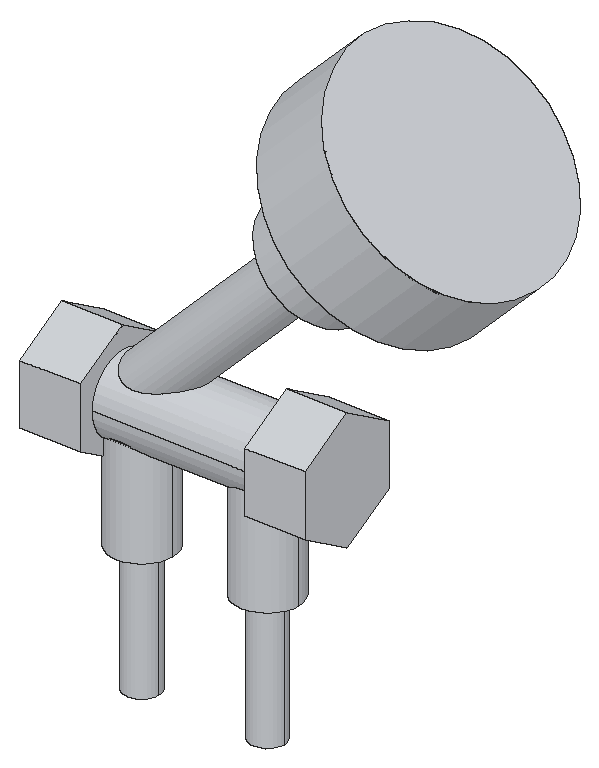
Revit family "304_c5154dfa51f3457d8d888647143f1f", category Pipe Accessories, Revit 2017
Family settings
  Round Connector Dimension = Use Diameter
  Part Type = Valve - Breaks Into
  Work Plane-Based = No
  Always vertical = Yes
  Cut with Voids When Loaded = No
  Shared = No
Parameters (values of type "Cim 787OT(/2)R(Y) - DN 15")
  magi_piping_given_dp [instance] = 0.0 Pa
  magiProductId = "dccc15f57ea849c5bf785015298feb"
  magiProductFamilyId = "c5154dfa51f3457d8d888647143f1f"
  magiProductCode = "Cim 787OT(/2)R(Y) - DN 15"
  magiPartTypeId = 304
  ang2D [instance] = 0.00°
  XX = 13 mm
  W2D = 15 mm
  VersionID = "2.0/2015.11/CIMBERIO_CIM787OTRY_Q13_001"
  Use Minimum Symbol Size [instance] = yes
  RA = 45.00°
  R12 = 6.5 mm
  R11 = 3.5 mm
  R1 = 12.5 mm
  R = 8 mm
  QmdConnectorList = "301;D;302;D"
  Productdata [instance] = "© Progman Oy, all rights reserved"
  Manufacturer = "Cimberio"
  MC_Default_elevation = 0 mm
  LL2 = 34 mm
  LL1 = 29.5 mm
  L2D_Min = 3048 mm
  L2D = 59 mm
  HH7__ve = -HH7  # -19 mm
  HH7 = 19 mm
  HH1__ve = -HH1  # -53.87 mm
  HH1 = 53.87 mm
  F = 25 mm
  Description = "BALANCING VALVE - VARIABLE ORIFICE - PN 25"
  DL__ve = -DL  # -12.5 mm
  DLL1 = 11 mm
  DL = 12.5 mm
  DD4 = 12.5 mm
  DD2 = 5.9 mm
  D = 15 mm
  CenSd_R1_6 = R1 * cos(30.00°)  # 10.825 mm
  CAT0 = yes
  BB1 = 26.75 mm
  BB = 83 mm
  B1 = 53.5 mm
Types (6, lengths in mm): name | magiProductId | magiProductCode | XX | W2D | RA | R1 | R | LL2 | LL1 | L2D | HH1__ve | HH1 | DL__ve | DLL1 | DL | DD2 | D | CenSd_R1_6 | BB1 | BB | B1
  Cim 787OT(/2)R(Y) - DN 15 | "dccc15f57ea849c5bf785015298feb" | "Cim 787OT(/2)R(Y) - DN 15" | 13 | 15 | 45.00° | 12.5 | 8 | 34 | 29.5 | 59 | -53.87 | 53.87 | -12.5 | 11 | 12.5 | 5.9 | 15 | 10.825 | 26.75 | 83 | 53.5
  Cim 787OT(/2)R(Y) - DN 50 | "23b5512a7eb34b1b8928fc86ddf105" | "Cim 787OT(/2)R(Y) - DN 50" | 50.5 | 50 | 45.00° | 30 | 25.5 | 109 | 73.5 | 147 | -97.555 | 97.555 | -19 | 43.5 | 19 | 14.7 | 50 | 25.981 | 35 | 104.5 | 70
  Cim 787OT(/2)R(Y) - DN 40 | "2be9c2e53d8d48ae8d648238277b5b" | "Cim 787OT(/2)R(Y) - DN 40" | 45.5 | 40 | 50.00° | 25 | 20.5 | 99 | 65.5 | 131 | -103.33 | 103.33 | -16 | 38.5 | 16 | 13.1 | 40 | 21.651 | 32 | 107 | 64
  Cim 787OT(/2)R(Y) - DN 32 | "52d2093c2a8545379304395e93a081" | "Cim 787OT(/2)R(Y) - DN 32" | 30.5 | 32 | 50.00° | 21 | 16.5 | 69 | 50.5 | 101 | -70.57 | 70.57 | -16 | 23.5 | 16 | 10.1 | 32 | 18.187 | 32.5 | 87 | 65
  Cim 787OT(/2)R(Y) - DN 25 | "f0957a7971944533b50136cf52b5a3" | "Cim 787OT(/2)R(Y) - DN 25" | 24 | 25 | 50.00° | 17.5 | 13 | 56 | 42.5 | 85 | -70.07 | 70.07 | -14.5 | 22 | 14.5 | 8.5 | 25 | 15.155 | 29.75 | 83 | 59.5
  Cim 787OT(/2)R(Y) - DN 20 | "f06ff62262384892b818489e74dd78" | "Cim 787OT(/2)R(Y) - DN 20" | 17.5 | 20 | 45.00° | 15 | 10.5 | 43 | 34 | 68 | -50.39 | 50.39 | -12.5 | 15.5 | 12.5 | 6.8 | 20 | 12.99 | 28.75 | 81 | 57.5
Reference planes
  plane 1 "Center (Front/Back)": y = 0
  plane 2 "XYPLANE": z = 0
  plane 3 "Center (Left/Right)": x = 0
  plane 4 "INIT_TEMP": y = 100
  plane 5 "85": through (-485.075, 0, 575.585) normal (0.7071, 0, 0.7071)
  plane 6 "84": through (-471.64, 0, 589.02) normal (0.7071, 0, 0.7071)
  plane 7 "82": through (522.552, 0, 538.108) normal (0.7071, 0, -0.7071)
  plane 8 "81": y = 0
  plane 9 "80": z = 0
  plane 10 "79": x = -29.5
  plane 11 "78": x = 29.5
  plane 12 "77": x = -17
  plane 13 "76": through (-499.217, 0, 561.443) normal (0.7071, 0, 0.7071)
  plane 14 "75": z = -53.5
  plane 15 "74": x = -13
  plane 16 "73": z = -26.75
  plane 17 "72": x = 13
  plane 18 "119XY": through (-530.33, 0, 530.33) normal (0.7071, 0, 0.7071)
  plane 19 "119YZ": through (530.33, 0, 530.33) normal (0.7071, 0, -0.7071)
Forms (mm)
  Extrusion 1, solid, visible <- "CAT0"
    sketch origin (-29.5, -750, 0) x (0, 1, 0) y (0, 0, 1)
      loop
        line (750, 12.5) -> (739.175, 6.25) -> (739.175, -6.25) -> (750, -12.5) -> (760.825, -6.25) -> (760.825, 6.25) -> (750, 12.5)
    from 0 to 12.5 <- "DL"
  Extrusion 2, solid, visible <- "CAT0"
    sketch origin (29.5, -750, 0) x (0, 1, 0) y (0, 0, 1)
      loop
        line (750, 12.5) -> (739.175, 6.25) -> (739.175, -6.25) -> (750, -12.5) -> (760.825, -6.25) -> (760.825, 6.25) -> (750, 12.5)
    from 0 to -12.5 <- "DL__ve"
  Extrusion 3, solid, visible <- "CAT0"
    sketch origin (-17, -750, 0) x (0, 1, 0) y (0, 0, 1)
      loop
        circle (750, 0) r 8
    from 0 to 34 <- "LL2"
  Extrusion 4, solid, visible <- "CAT0"
    sketch origin (-499.217, 0, 561.443) x (0.707107, 0, -0.707107) y (0, 1, 0)
      loop
        circle (739, 0) r 5.9
    from 0 to -53.87 <- "HH1__ve"
  Extrusion 5, solid, visible <- "CAT0"
    sketch origin (-485.075, 0, 575.585) x (0.707107, 0, -0.707107) y (0, 1, 0)
      loop
        circle (739, 0) r 12.5
    from 0 to -20
  Extrusion 6, solid, visible <- "CAT0"
    sketch origin (-471.64, 0, 589.02) x (0.707107, 0, -0.707107) y (0, 1, 0)
      loop
        circle (739, 0) r 25
    from 0 to -19 <- "HH7__ve"
  Extrusion 7, solid, visible <- "CAT0"
    sketch origin (-750, 0, -53.5) x (1, 0, 0) y (0, 1, 0)
      loop
        circle (737, 0) r 3.5
    from 0 to 26.75 <- "BB1"
  Extrusion 8, solid, visible <- "CAT0"
    sketch origin (-750, 0, -26.75) x (1, 0, 0) y (0, 1, 0)
      loop
        circle (737, 0) r 6.5
    from 0 to 26.75 <- "BB1"
  Extrusion 9, solid, visible <- "CAT0"
    sketch origin (-750, 0, -26.75) x (1, 0, 0) y (0, 1, 0)
      loop
        circle (763, 0) r 6.5
    from 0 to 26.75 <- "BB1"
  Extrusion 10, solid, visible <- "CAT0"
    sketch origin (-750, 0, -53.5) x (1, 0, 0) y (0, 1, 0)
      loop
        circle (763, 0) r 3.5
    from 0 to 26.75 <- "BB1"
  Extrusion 11, solid, not visible
    sketch origin (29.5, -750, 0) x (0, 1, 0) y (0, 0, 1)
      loop
        circle (750, 0) r 10
    from 0 to -10
  Extrusion 12, solid, not visible
    sketch origin (-29.5, -750, 0) x (0, 1, 0) y (0, 0, 1)
      loop
        circle (750, 0) r 10
    from 0 to 10
Lines and regions (mm)
  reference lines
    curve 1: circle (-29.5, 0, 0) r 1 normal (1, 0, 0)
    curve 2: circle (29.5, 0, 0) r 1 normal (-1, 0, 0)
Text (mm)
  text "© Progman Oy, all rights reserved" at (-472.209, -2482.653, 0), in view "Ref. Level"
Dimensions and locks
  plane 4 "INIT_TEMP" to plane 1 "Center (Front/Back)" = 100 mm
  "HH7": plane 6 "84" to plane 5 "85"
  "BB": plane 18 "119XY" to plane 6 "84"
  "DLL1": plane 19 "119YZ" to plane 7 "82"
  locked: plane 1 "Center (Front/Back)" to plane 8 "81"
  locked: plane 2 "XYPLANE" to plane 9 "80"
  "LL1": plane 3 "Center (Left/Right)" to plane 10 "79"
  "LL1": plane 3 "Center (Left/Right)" to plane 11 "78"
  "DL": plane 10 "79" to plane 12 "77"
  locked: plane 5 "85" to plane 13 "76" at 20
  "B1": plane 2 "XYPLANE" to plane 14 "75"
  "XX": plane 3 "Center (Left/Right)" to plane 15 "74"
  "BB1": plane 14 "75" to plane 16 "73"
  "XX": plane 3 "Center (Left/Right)" to plane 17 "72"
  "CenSd_R1_6": curve 1 to Extrusion 1 sketch curve  (x6)
  "R1": curve 1 to Extrusion 1 sketch curve  (x6)
  "CenSd_R1_6": curve 2 to Extrusion 2 sketch curve  (x6)
  "R1": curve 2 to Extrusion 2 sketch curve  (x6)
  "R": radius of Extrusion 3 sketch curve
  "DD2": radius of Extrusion 4 sketch curve
  "DD4": radius of Extrusion 5 sketch curve
  "F": radius of Extrusion 6 sketch curve
  "R11": radius of Extrusion 7 sketch curve
  "R12": radius of Extrusion 8 sketch curve
  "R12": radius of Extrusion 9 sketch curve
  "R11": radius of Extrusion 10 sketch curve
  aligned and locked: level to plane 2 "XYPLANE"
  aligned and locked: curve 1 to plane 8 "81"
  aligned and locked: plane 9 "80" to curve 1
  aligned and locked: curve 2 to plane 8 "81"
  aligned and locked: plane 9 "80" to curve 2
  aligned and locked: Extrusion 3 sketch curve to plane 8 "81"
  aligned and locked: plane 9 "80" to Extrusion 3 sketch curve
  aligned and locked: Extrusion 4 sketch curve to plane 7 "82"
  aligned and locked: plane 8 "81" to Extrusion 4 sketch curve
  aligned and locked: Extrusion 5 sketch curve to plane 7 "82"
  aligned and locked: plane 8 "81" to Extrusion 5 sketch curve
  aligned and locked: Extrusion 6 sketch curve to plane 7 "82"
  aligned and locked: plane 8 "81" to Extrusion 6 sketch curve
  aligned and locked: plane 8 "81" to Extrusion 7 sketch curve
  aligned and locked: plane 15 "74" to Extrusion 7 sketch curve
  aligned and locked: plane 8 "81" to Extrusion 8 sketch curve
  aligned and locked: plane 15 "74" to Extrusion 8 sketch curve
  aligned and locked: plane 8 "81" to Extrusion 9 sketch curve
  aligned and locked: plane 17 "72" to Extrusion 9 sketch curve
  aligned and locked: plane 8 "81" to Extrusion 10 sketch curve
  aligned and locked: plane 17 "72" to Extrusion 10 sketch curve
  aligned and locked: Extrusion 11 sketch curve to plane 8 "81"
  aligned and locked: plane 9 "80" to Extrusion 11 sketch curve
  aligned and locked: Extrusion 12 sketch curve to plane 8 "81"
  aligned and locked: plane 9 "80" to Extrusion 12 sketch curve
Automatic sketch dimensions
  plane 1 "Center (Front/Back)" to Extrusion 11 sketch curve = 10 mm
  plane 1 "Center (Front/Back)" to Extrusion 12 sketch curve = 10 mm
  radius of curve 1 = 1 mm
  radius of curve 2 = 1 mm
Connectors
  piping at (-29.5, 0, 0), diameter 15, driven by "D"
    settings: on Extrusion 12, index 1, connector inside diameter 609.6 mm, connector length 0 mm, flow factor 0, pipe flow 0.0 L/s, pressure drop 0.0 Pa, fitting loss kfactor 0, connector angle 0.00°, fixture units 0, engagement length 0 mm, angle of deflection 0.00°, flow configuration 0, flow direction 0, fitting loss method 0, system type 29, joint type 0, gender type 0, connector reference index 2, connector utility 0, adjustable connector no, is connector primary yes, connector description ""
  piping at (29.5, 0, 0), diameter 15, driven by "D"
    settings: on Extrusion 11, index 2, connector inside diameter 609.6 mm, connector length 0 mm, flow factor 0, pipe flow 0.0 L/s, pressure drop 0.0 Pa, fitting loss kfactor 0, connector angle 0.00°, fixture units 0, engagement length 0 mm, angle of deflection 0.00°, flow configuration 0, flow direction 0, fitting loss method 0, system type 29, joint type 0, gender type 0, connector reference index 1, connector utility 0, adjustable connector no, is connector primary no, connector description ""
